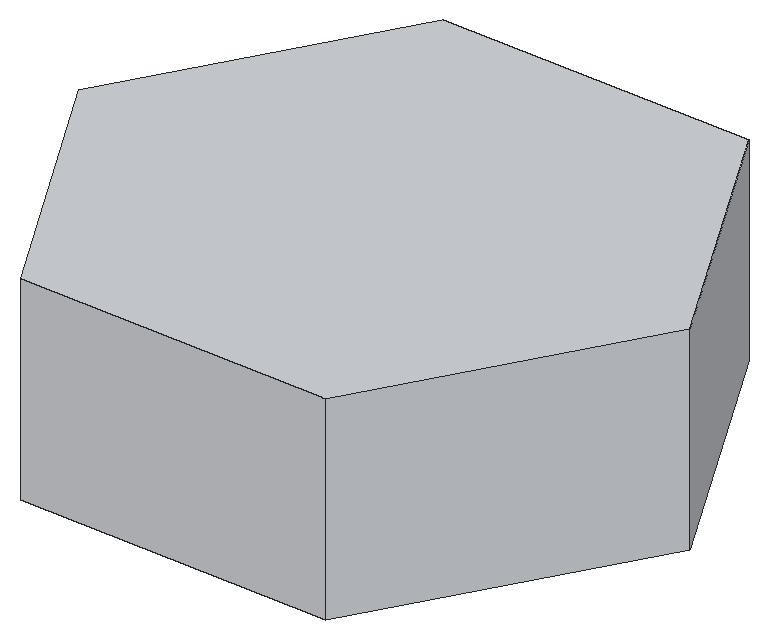
Revit family "792397fb23cb4c8cb46fe8aea90c674d", category Electrical Fixtures, Revit 2021
Family settings
  Maintain Annotation Orientation = Yes
  Round Connector Dimension = Use Diameter
  Part Type = Junction Box
  OmniClass Number = 23.80.30.14.24
  OmniClass Title = Junction Boxes
  Seek Item ID = Hexagon Junction Box-0000-USA-ENU
  Work Plane-Based = No
  Always vertical = Yes
  Cut with Voids When Loaded = No
  Shared = No
  Room Calculation Point = No
Parameters (values of type "120V")
  Width = Length  # 0' - 4"
  Voltage = 480 V
  Power Factor [instance] = 1
  Number of Poles = 3
  Material = none
  Load Classification = Power
  Load [instance] = 500 VA
  Length = 0' - 4"
  Label = "J"
  Height = 0' - 1 1/2"
  Default Elevation = 0' - 0"
Types (5): name | Voltage | Number of Poles
  (no name) | 120 V | 1
  120V | 120 V | 1
  208V | 208 V | 3
  277V | 277 V | 1
  480V | 480 V | 3
Reference planes (in)
  plane 1 "Center (Front/Back)": y = 0
  plane 2: z = 0
  plane 3 "Center (Left/Right)": x = 0
  plane 4: y = 2
  plane 5: y = -2
  plane 6: x = -2
  plane 7: x = 2
  plane 8: through (0, 0, 48) normal (-0.866, 0.5, 0)
  plane 9: through (0, 0, 48) normal (-0.866, -0.5, 0)
  plane 10: through (0, 0, 48) normal (0.866, 0.5, 0)
  plane 11: through (0, 0, 48) normal (0.866, -0.5, 0)
  plane 12: z = 1.5
Forms (in)
  Extrusion 1, solid, material <- "Material"
    sketch origin (0, 0, 0) x (1, 0, 0) y (0, 1, 0)
      loop
        line (1.1547, 2) -> (-1.1547, 2) -> (-2.3094, 0) -> (-1.1547, -2) -> (1.1547, -2) -> (2.3094, 0) -> (1.1547, 2)
    from 0 to 1.5
Lines and regions (in)
  symbolic lines, detail levels fine
    curve 1: line (1.1547, 2, 0) -> (-1.1547, 2, 0)
    curve 2: line (2.3094, 0, 0) -> (1.1547, 2, 0)
    curve 3: line (1.1547, -2, 0) -> (2.3094, 0, 0)
    curve 4: line (-1.1547, -2, 0) -> (1.1547, -2, 0)
    curve 5: line (-2.3094, 0, 0) -> (-1.1547, -2, 0)
    curve 6: line (-1.1547, 2, 0) -> (-2.3094, 0, 0)
Dimensions and locks (in)
  equal spacing: plane 6, plane 3 "Center (Left/Right)", plane 7
  equal spacing: plane 4, plane 1 "Center (Front/Back)", plane 5
  "Length": plane 6 to plane 7
  "Width": plane 4 to plane 5
  "Height": plane 12 to plane 2
  "Length": Extrusion 1 sketch curve to Extrusion 1 sketch curve  (x3)
  equal spacing: Extrusion 1 sketch curve, plane 3 "Center (Left/Right)", Extrusion 1 sketch curve
  locked: plane 1 "Center (Front/Back)" to plane 8 (angle 60.00°)
  locked: plane 8 to plane 9 (angle 60.00°)
  locked: plane 10 to plane 1 "Center (Front/Back)" (angle 60.00°)
  locked: plane 11 to plane 10 (angle 60.00°)
  aligned and locked: plane 1 "Center (Front/Back)" to nested 1
  aligned and locked: plane 3 "Center (Left/Right)" to nested 1
  aligned and locked: plane 4 to Extrusion 1 sketch curve
  aligned and locked: plane 10 to Extrusion 1 sketch curve
  aligned and locked: plane 5 to Extrusion 1 sketch curve  (x2)
  aligned and locked: plane 8 to Extrusion 1 sketch curve
  aligned and locked: plane 9 to Extrusion 1 sketch curve
  aligned and locked: plane 1 "Center (Front/Back)" to Extrusion 1 sketch curve
  aligned and locked: Extrusion 1 to plane 2
  aligned and locked: plane 12 to Extrusion 1
  aligned and locked: curve 1 to Extrusion 1
  aligned and locked: curve 2 to Extrusion 1
  aligned and locked: curve 3 to Extrusion 1
  aligned and locked: curve 4 to Extrusion 1
  aligned and locked: curve 5 to Extrusion 1
  aligned and locked: curve 6 to Extrusion 1
Automatic sketch dimensions
  Extrusion 1 sketch curve to plane 8 = 0' - 0"
Nested families (in)
  nested 1: "Hexagon Junction Box Annotation" at (0, 0, 0), type "Hexagon Junction Box Annotation", detail levels coarse+medium
Connectors (in)
  electrical at (0, 0, 1.5), driven by "Power Factor", driven by "Load", driven by "Voltage", driven by "Load", driven by "Number of Poles", driven by "Load Classification"
    settings: on Extrusion 1, index 1, voltage 480 V, apparent load 500 VA, apparent load phase1 500 VA, apparent load phase2 0 VA, apparent load phase3 0 VA, power factor 1, load classification "Power", number of poles 3, system type 30, power factor state 1, is connector primary yes, connector utility no, sub classification motor no, connector description ""
Definition of nested family "Hexagon Junction Box Annotation"
  Parameters
    Label Annotation = "AIM"
  Reference planes (in)
    plane 1: y = 0
    plane 2: x = 0
  Lines and regions (in)
    reference lines
      curve 1: line (0.09375, 0.3651, 0) -> (0.09375, -0.30581, 0)
    detail lines
      curve 2: line (0.09375, 0, 0) -> (0.04688, 0.08119, 0)
      curve 3: line (0.04688, 0.08119, 0) -> (-0.04687, 0.08119, 0)
      curve 4: line (-0.04687, 0.08119, 0) -> (-0.09375, 0, 0)
      curve 5: line (-0.09375, 0, 0) -> (-0.04688, -0.08119, 0)
      curve 6: line (-0.04688, -0.08119, 0) -> (0.04687, -0.08119, 0)
      curve 7: line (0.04687, -0.08119, 0) -> (0.09375, 0, 0)
  Text (in)
    label "J" at (-0.03156, -0.00318, 0), shows "Label Annotation"
  Dimensions and locks (in)
    locked: plane 2 to curve 1 at 0.09375
